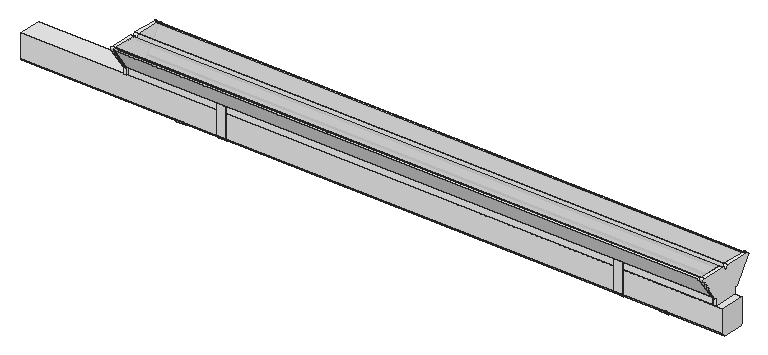
Revit family "0042290 Lighting Fixture_Sylvania_HSX Syl-Line_Surface Mounted", category Lighting Fixtures, host Face, Revit 2017
Family settings
  Host = Face
  Round Connector Dimension = Use Diameter
  Part Type = Normal
  OmniClass Number = 23.80.70.11.17
  OmniClass Title = Specialized Lighting by Location or Use
  Cut with Voids When Loaded = No
  Light Source = Yes
  Shared = No
  Room Calculation Point = No
Parameters (values of type "HSXSYL  LED NW 1-10V 1720 WB")
  Width = 164.0 mm
  Weight = 5.60 kg
  Wattage = 71.6129 W
  built-in parameter 1150110 = 1 (stored number, unit not read)
  Voltage Comments = "UNV (Universal Voltage; 220-240 Volt)"  # constant formula
  Voltage = 230 V  # constant formula
  URL = "http://www.sylvania-lighting.com"
  Trucking Material = Steel_Sylvania_HSX Syl-Line_White
  built-in parameter 1114217 = 1 (stored number, unit not read)
  Tilt Angle = -90.00°
  built-in parameter 1150109 = 1 (stored number, unit not read)
  built-in parameter 1150134 = 12
  Ta Rating = "-10°C to +25°C"  # constant formula
  T Class Min = -10 °C
  T Class Max = 25 °C
  built-in parameter 1150113 = 1 (stored number, unit not read)
  Product Page URL = "http://www.sylvania-lighting.com/product/en-int/products/0042290"
  Product Family = "HSX SYL-LINE"  # constant formula
  Photometry Comments = ""
  Photometric Web File = "0042290_HSXSYLLEDNW1-10V1720WB-192665.ies"
  Mounting Material = Steel_Sylvania_HSX Syl-Line_White
  Line End Right = 20.0 mm
  Line End Left = 300.0 mm
  Life = "50 000h"  # constant formula
  Length = 1720.0 mm
  LOR = "100%"
  Inrush Current (max. quantity per 16A C breaker) = "10"
  IP Rating = "IP20"  # constant formula
  IK Rating = "IK02"  # constant formula
  Height = 167.5 mm
  Glow Wire Test = 650 °C  # constant formula
  Emit from Line Length = Length - 20.0 mm  # 1700.0 mm
  Electrical Protection = "CLASS I"  # constant formula
  Drive Current = "350mA"
  built-in parameter 1114216 [instance] = 1 (stored number, unit not read)
  Cap Material = Plastic_Sylvania_HSX Syl-Line_White
  Model = "HSXSYL  LED NW 1-10V 1720 WB"
  Manufacturer = "Feilo Sylvania"
  built-in parameter 1150105 = 2339.7 (stored number, unit not read)
  Lumens = 6660 lm
  built-in parameter 1150115 = 1 (stored number, unit not read)
  built-in parameter 1150137 = (empty or 0)
  built-in parameter 1150139 = (empty or 0)
  built-in parameter 1150112 = 1 (stored number, unit not read)
  built-in parameter 1150114 = 1 (stored number, unit not read)
  Lamp = "Integrated LED"
  built-in parameter 1150132 = 2
  built-in parameter 1150102 = (empty or 0)
  built-in parameter 1150107 = 4000 (stored number, unit not read)
  built-in parameter 1150138 = (empty or 0)
  built-in parameter 1150106 = 23.397 (stored number, unit not read)
  CRI (Ra) = ">80"
  Bracket Width = Width - 93.4 mm  # 70.6 mm
  Bracket Height = Height - 73.5 mm  # 94.0 mm
  Body Material = Plastic_Sylvania_HSX Syl-Line_White
  built-in parameter 1150104 = 8.64 (stored number, unit not read)
  Dimming Lamp Color Temperature Shift = <None>
  Diffuser Material = Polycarbonate_Sylvania_HSX Syl-Line_4000K
  Description = "72W and 75W LED surface and suspended luminaires HSX Syl-Line is perfect for retail, industry, manufacturing, airports or data centres Extended offering of alternative optics for Syl-Line trunking Available with a white sheet steel reflector and a PMMA Diffuser Available in 1,720mm (same length as standard Syl-Line gear trays and trunking) High performance: delivers 6,660lm (luminaire lumen output on 72W version), equating to 93lm/W (total system efficiency) Available in neutral white (4,000K) Integrated LED solution that has the same aesthetics as the fluorescent version (non dotting) Energy efficient electronic gear including Analogue 1-10V dimmable, DALI dimmable and 3 hour emergency versions as standard Ease of installation through the plug connector Innovative clip design allows quick and simple installation of the electrical unit (average installation time of the gear tray at just over a minute) Energy class: A++, A+, A Long lifetime: 50,000 hours life at 70% of the original output L70"  # constant formula
  Default Elevation = 0.0 mm
  Color Filter = 16777215
  Catalog Number = "0042290 HSXSYL  LED NW 1-10V 1720 WB"
  built-in parameter 1140040 [instance] = 1
  built-in parameter 1114218 = 1 (stored number, unit not read)
  built-in parameter 1150133 = 10 (stored number, unit not read)
  Assembly Code = "D5020200"
  Apparent Load = 72 VA
Reference planes
  plane 1 "Center (Front/Back)": y = 0
  plane 2 "Trucking Top": z = 6
  plane 3 "Center (Left/Right)": x = 0
  plane 4 "Fixture Bottom": z = 167.5
  plane 5: y = 34.283
  plane 6: y = -34.283
  plane 7 "Fixture Left": x = -860
  plane 8 "Fixture Right": x = 860
  plane 9: x = 850
  plane 10: x = -850
  plane 11: y = -82
  plane 12: y = 82
  plane 13: z = 155
  plane 14: z = 99
  plane 15 "Trucking Bottom": z = 78.5
  plane 16: y = 38.283
  plane 17: y = -38.283
  plane 18: z = 160.539
  plane 19: y = 7.5
  plane 20: y = -7.5
  plane 21: x = -1160
  plane 22: x = 880
  plane 23: x = 588
  plane 24: x = -588
  plane 25: x = 713
  plane 26: x = -713
  plane 27 "Fixture Top": z = 0
Forms (mm)
  Extrusion 1, solid, material "Plastic_Sylvania_HSX Syl-Line_White" <- "Cap Material", detail levels fine
    sketch origin (0, 0, 0) x (0, 1, 0) y (0, 0, 1)
      loop
        line (38.283, 99) -> (81.006, 161.276)
        arc (81.006, 161.276) -> (81.229, 165.38) -> (77.707, 167.5) r 3.986
        line (77.707, 167.5) -> (7.5, 167.5) -> (0, 155) -> (-7.5, 167.5) -> (-77.707, 167.5)
        arc (-77.707, 167.5) -> (-81.229, 165.38) -> (-81.006, 161.276) r 3.986
        line (-81.006, 161.276) -> (-38.283, 99) -> (-34.283, 99) -> (-34.283, 78.5) -> (34.283, 78.5) -> (34.283, 99) -> (38.283, 99)
    from 850 to 860
  Extrusion 2, solid, material "Plastic_Sylvania_HSX Syl-Line_White" <- "Cap Material", detail levels fine
    sketch origin (0, 0, 0) x (0, 1, 0) y (0, 0, 1)
      loop
        line (38.283, 99) -> (81.006, 161.276)
        arc (81.006, 161.276) -> (81.229, 165.38) -> (77.707, 167.5) r 3.986
        line (77.707, 167.5) -> (7.5, 167.5) -> (0, 155) -> (-7.5, 167.5) -> (-77.707, 167.5)
        arc (-77.707, 167.5) -> (-81.229, 165.38) -> (-81.006, 161.276) r 3.986
        line (-81.006, 161.276) -> (-38.283, 99) -> (-34.283, 99) -> (-34.283, 78.5) -> (34.283, 78.5) -> (34.283, 99) -> (38.283, 99)
    from -860 to -850
  Extrusion 3, solid, material "Plastic_Sylvania_HSX Syl-Line_White" <- "Body Material", detail levels coarse+medium
    sketch origin (0, 0, 0) x (0, 1, 0) y (0, 0, 1)
      loop
        line (38.283, 99) -> (81.006, 161.276)
        arc (81.006, 161.276) -> (81.229, 165.38) -> (77.707, 167.5) r 3.986
        line (77.707, 167.5) -> (7.5, 167.5) -> (0, 155) -> (-7.5, 167.5) -> (-77.707, 167.5)
        arc (-77.707, 167.5) -> (-81.229, 165.38) -> (-81.006, 161.276) r 3.986
        line (-81.006, 161.276) -> (-38.283, 99) -> (-34.283, 99) -> (-34.283, 78.5) -> (34.283, 78.5) -> (34.283, 99) -> (38.283, 99)
    from -860 to 850
  Extrusion 4, solid, material "Plastic_Sylvania_HSX Syl-Line_White" <- "Body Material", detail levels fine
    sketch origin (0, 0, 0) x (0, 1, 0) y (0, 0, 1)
      loop
        line (37.757, 100) -> (80.18, 161.839)
        arc (80.18, 161.839) -> (80.345, 164.913) -> (77.707, 166.5) r 2.986
        line (77.707, 166.5) -> (74, 166.5) -> (74, 165.5) -> (77.707, 165.5)
        arc (77.707, 165.5) -> (79.461, 164.446) -> (79.353, 162.402) r 1.986
        line (79.353, 162.402) -> (37.23, 101) -> (32.283, 101) -> (32.283, 79.5) -> (-32.283, 79.5) -> (-32.283, 101) -> (-37.23, 101) -> (-79.353, 162.402)
        arc (-79.353, 162.402) -> (-79.461, 164.446) -> (-77.707, 165.5) r 1.986
        line (-77.707, 165.5) -> (-74, 165.5) -> (-74, 166.5) -> (-77.707, 166.5)
        arc (-77.707, 166.5) -> (-80.345, 164.913) -> (-80.18, 161.839) r 2.986
        line (-80.18, 161.839) -> (-37.757, 100) -> (-33.283, 100) -> (-33.283, 78.5) -> (33.283, 78.5) -> (33.283, 100) -> (37.757, 100)
    from -850 to 850
  Extrusion 5, solid, material "Polycarbonate_Sylvania_HSX Syl-Line_4000K" <- "Diffuser Material", detail levels fine
    sketch origin (0, 0, 0) x (0, 1, 0) y (0, 0, 1)
      loop
        line (74, 166.5) -> (8.066, 166.5) -> (0, 153.056) -> (-8.066, 166.5) -> (-74, 166.5) -> (-74, 165.5) -> (-8.632, 165.5) -> (0, 151.113) -> (8.632, 165.5) -> (74, 165.5) -> (74, 166.5)
    from -850 to 850
  Extrusion 6, solid, material "Steel_Sylvania_HSX Syl-Line_White" <- "Trucking Material"
    sketch origin (0, 0, 0) x (0, 1, 0) y (0, 0, 1)
      loop
        line (34.283, 12) -> (34.283, 78.5) -> (-34.283, 78.5) -> (-34.283, 12) -> (-28.283, 6) -> (28.283, 6) -> (34.283, 12)
    from -1160 to 880
Dimensions and locks
  equal spacing: plane 7 "Fixture Left", plane 3 "Center (Left/Right)", plane 8 "Fixture Right"
  "Length": plane 7 "Fixture Left" to plane 8 "Fixture Right"
  locked: plane 7 "Fixture Left" to plane 10 at 10
  locked: plane 9 to plane 8 "Fixture Right" at 10
  equal spacing: plane 12, plane 1 "Center (Front/Back)", plane 11
  "Width": plane 12 to plane 11
  "Height": host face to plane 4 "Fixture Bottom"
  locked: level to plane 2 "Trucking Top" at 6
  plane 15 "Trucking Bottom" to plane 14 to plane 13 to plane 18 to plane 4 "Fixture Bottom" = 20.5 mm locked, 56.0 mm locked, 5.539 mm locked, 6.961 mm locked
  plane 12 to plane 16 to plane 5 to plane 19 = 43.717 mm locked, 4.0 mm locked, 26.783 mm locked
  plane 11 to plane 17 to plane 6 to plane 20 = 43.717 mm locked, 4.0 mm locked, 26.783 mm locked
  locked: Extrusion 5 sketch curve to plane 11 at 8
  locked: plane 12 to Extrusion 5 sketch curve at 8
  locked: Extrusion 4 sketch curve to plane 11 at 8
  locked: plane 12 to Extrusion 4 sketch curve at 8
  locked: Extrusion 6 sketch curve to plane 2 "Trucking Top" at 6  (x2)
  locked: Extrusion 6 sketch curve to plane 6 at 6
  locked: plane 5 to Extrusion 6 sketch curve at 6
  "Line End Left": plane 21 to plane 7 "Fixture Left"
  "Line End Right": plane 8 "Fixture Right" to plane 22
  plane 23 to plane 25 to plane 9 = 125.0 mm locked, 137.0 mm locked
  plane 10 to plane 26 to plane 24 = 137.0 mm locked, 125.0 mm locked
  aligned and locked: level to host face
  aligned and locked: imposter light to plane 1 "Center (Front/Back)"
  aligned and locked: plane 3 "Center (Left/Right)" to imposter light
  aligned and locked: imposter light to plane 4 "Fixture Bottom"
  aligned and locked: plane 14 to Extrusion 1 sketch curve
  aligned and locked: plane 16 to Extrusion 1 sketch curve
  aligned and locked: plane 15 "Trucking Bottom" to Extrusion 1 sketch curve
  aligned and locked: plane 5 to Extrusion 1 sketch curve
  aligned and locked: plane 6 to Extrusion 1 sketch curve
  aligned and locked: Extrusion 1 sketch curve to plane 14
  aligned and locked: plane 1 "Center (Front/Back)" to Extrusion 1 sketch curve
  aligned and locked: plane 13 to Extrusion 1 sketch curve
  aligned and locked: plane 4 "Fixture Bottom" to Extrusion 1 sketch curve  (x2)
  aligned and locked: plane 19 to Extrusion 1 sketch curve
  aligned and locked: plane 20 to Extrusion 1 sketch curve
  aligned and locked: Extrusion 1 to plane 8 "Fixture Right"
  aligned and locked: plane 9 to Extrusion 1
  aligned and locked: Extrusion 2 to plane 7 "Fixture Left"
  aligned and locked: plane 10 to Extrusion 2
  aligned and locked: Extrusion 3 to plane 7 "Fixture Left"
  aligned and locked: plane 15 "Trucking Bottom" to Extrusion 4 sketch curve
  aligned and locked: Extrusion 4 to plane 9
  aligned and locked: Extrusion 4 to plane 10
  aligned and locked: plane 5 to Extrusion 6 sketch curve
  aligned and locked: plane 6 to Extrusion 6 sketch curve
  aligned and locked: plane 2 "Trucking Top" to Extrusion 6 sketch curve
  aligned and locked: plane 15 "Trucking Bottom" to Extrusion 6 sketch curve
  aligned and locked: Extrusion 6 to plane 21
  aligned and locked: Extrusion 6 to plane 22
  aligned and locked: plane 1 "Center (Front/Back)" to nested 1
  aligned and locked: nested 1 to plane 14
  aligned and locked: plane 23 to nested 1
  aligned and locked: Extrusion 3 to plane 9
  aligned and locked: Extrusion 5 to plane 9
  aligned and locked: Extrusion 5 to plane 10
  aligned and locked: plane 24 to nested 2
  aligned and locked: nested 1 to plane 23
  aligned and locked: nested 3 to level
  aligned and locked: plane 2 "Trucking Top" to nested 2
  aligned and locked: plane 25 to nested 3
  aligned and locked: plane 26 to nested 4
Automatic sketch dimensions
  host sketch curve to host sketch curve = 2549.992 mm
  host sketch curve to host sketch curve = 1283.632 mm
  Extrusion 1 sketch curve to plane 17 = 0.0 mm
  Extrusion 1 sketch curve to plane 18 = 0.737 mm  (x2)
  Extrusion 1 sketch curve to plane 11 = 4.293 mm
  Extrusion 1 sketch curve to plane 11 = 0.994 mm
  Extrusion 1 sketch curve to plane 12 = 4.293 mm
  Extrusion 1 sketch curve to plane 12 = 0.994 mm
  plane 4 "Fixture Bottom" to Extrusion 2 sketch curve = 0.0 mm  (x2)
  plane 14 to Extrusion 2 sketch curve = 0.0 mm  (x2)
  Extrusion 2 sketch curve to plane 17 = 0.0 mm
  Extrusion 2 sketch curve to plane 6 = 0.0 mm
  Extrusion 2 sketch curve to plane 20 = 0.0 mm
  Extrusion 2 sketch curve to plane 1 "Center (Front/Back)" = 0.0 mm
  Extrusion 2 sketch curve to plane 19 = 0.0 mm
  Extrusion 2 sketch curve to plane 5 = 0.0 mm
  Extrusion 2 sketch curve to plane 16 = 0.0 mm
  plane 15 "Trucking Bottom" to Extrusion 2 sketch curve = 0.0 mm
  Extrusion 2 sketch curve to plane 13 = 0.0 mm
  Extrusion 2 sketch curve to plane 11 = 4.293 mm
  Extrusion 2 sketch curve to plane 18 = 0.737 mm  (x2)
  Extrusion 2 sketch curve to plane 11 = 0.994 mm
  Extrusion 2 sketch curve to plane 12 = 4.293 mm
  Extrusion 2 sketch curve to plane 12 = 0.994 mm
  plane 4 "Fixture Bottom" to Extrusion 3 sketch curve = 0.0 mm  (x2)
  plane 14 to Extrusion 3 sketch curve = 0.0 mm  (x2)
  Extrusion 3 sketch curve to plane 17 = 0.0 mm
  Extrusion 3 sketch curve to plane 6 = 0.0 mm
  Extrusion 3 sketch curve to plane 20 = 0.0 mm
  Extrusion 3 sketch curve to plane 1 "Center (Front/Back)" = 0.0 mm
  Extrusion 3 sketch curve to plane 19 = 0.0 mm
  Extrusion 3 sketch curve to plane 5 = 0.0 mm
  Extrusion 3 sketch curve to plane 16 = 0.0 mm
  plane 15 "Trucking Bottom" to Extrusion 3 sketch curve = 0.0 mm
  Extrusion 3 sketch curve to plane 13 = 0.0 mm
  Extrusion 3 sketch curve to plane 11 = 4.293 mm
  Extrusion 3 sketch curve to plane 18 = 0.737 mm  (x2)
  Extrusion 3 sketch curve to plane 11 = 0.994 mm
  Extrusion 3 sketch curve to plane 12 = 4.293 mm
  Extrusion 3 sketch curve to plane 12 = 0.994 mm
  Extrusion 4 sketch curve to plane 14 = 1.0 mm  (x2)
  Extrusion 4 sketch curve to plane 16 = 0.527 mm
  plane 4 "Fixture Bottom" to Extrusion 4 sketch curve = 1.0 mm  (x2)
  Extrusion 4 sketch curve to plane 17 = 0.527 mm
  plane 6 to Extrusion 4 sketch curve = 1.0 mm
  Extrusion 4 sketch curve to plane 5 = 1.0 mm
  Extrusion 4 sketch curve to plane 11 = 1.82 mm
  Extrusion 4 sketch curve to plane 18 = 1.301 mm  (x2)
  Extrusion 4 sketch curve to plane 12 = 1.82 mm
  Extrusion 4 sketch curve to Extrusion 4 sketch curve = 0.527 mm  (x2)
  Extrusion 4 sketch curve to Extrusion 4 sketch curve = 0.826 mm  (x2)
  Extrusion 4 sketch curve to Extrusion 4 sketch curve = 0.563 mm  (x2)
  Extrusion 4 sketch curve to Extrusion 4 sketch curve = 0.0 mm  (x4)
  Extrusion 4 sketch curve to Extrusion 4 sketch curve = 1.0 mm  (x4)
  Extrusion 4 sketch curve to plane 15 "Trucking Bottom" = 1.0 mm
  Extrusion 5 sketch curve to plane 1 "Center (Front/Back)" = 0.0 mm  (x2)
  plane 20 to Extrusion 5 sketch curve = 0.566 mm
  plane 20 to Extrusion 5 sketch curve = 1.132 mm
  plane 19 to Extrusion 5 sketch curve = 0.566 mm
  plane 19 to Extrusion 5 sketch curve = 1.132 mm
  plane 4 "Fixture Bottom" to Extrusion 5 sketch curve = 2.0 mm  (x2)
  Extrusion 5 sketch curve to plane 13 = 3.887 mm
  Extrusion 5 sketch curve to Extrusion 5 sketch curve = 1.944 mm
  plane 4 "Fixture Bottom" to Extrusion 5 sketch curve = 1.0 mm  (x2)
  plane 4 "Fixture Bottom" to Extrusion 4 sketch curve = 2.0 mm  (x2)
Nested families
  nested 1: "Mounting Bracket" at (563, 0, 99) x (0, -1, 0) z (0, 0, -1), type "Mounting Bracket", detail levels fine
  nested 2: "Mounting Bracket" at (-588, 0, 99) x (0, -1, 0) z (0, 0, -1), type "Mounting Bracket", detail levels fine
  nested 3: "Top Mounting Bracket" at (713, 0, 13) x (0, 1, 0) z (0, 0, -1), type "Top Mounting Bracket", detail levels fine
  nested 4: "Top Mounting Bracket" at (-688, 0, 13) x (0, 1, 0) z (0, 0, -1), type "Top Mounting Bracket", detail levels fine
Connectors
  electrical at (-1160, 0, 32.167), driven by "Voltage", driven by "Apparent Load"
    settings: on Extrusion 6, index 1, voltage 230 V, apparent load 0 VA, apparent load phase1 72 VA, apparent load phase2 0 VA, apparent load phase3 0 VA, power factor 1, load classification "Lighting", number of poles 1, system type 31, power factor state 1, is connector primary yes, connector utility no, sub classification motor no, connector description ""
Definition of nested family "Mounting Bracket"
  Parameters
    Mounting Material = none
    Length = 25.0 mm
    Height = 94.0 mm
    Width = 70.6 mm
    Default Elevation = 0.0 mm
  Reference planes
    plane 1 "Center (Front/Back)": y = 0
    plane 2: z = 0
    plane 3 "Center (Left/Right)": x = 0
    plane 4: x = -35.3
    plane 5: x = 35.3
    plane 6: y = -25
    plane 7: y = -12.5
    plane 8: z = 94
  Forms (mm)
    Extrusion 1, solid, material <- "Mounting Material"
      sketch origin (0, 0, 0) x (1, 0, 0) y (0, 0, 1)
        loop
          line (35.3, 87.5) -> (28.8, 94) -> (20.3, 94) -> (20.3, 93) -> (28.386, 93) -> (34.3, 87.086) -> (34.3, 0) -> (35.3, 0) -> (35.3, 87.5)
        loop
          line (-35.3, 87.5) -> (-35.3, 0) -> (-34.3, 0) -> (-34.3, 87.086) -> (-28.386, 93) -> (-20.3, 93) -> (-20.3, 94) -> (-28.8, 94) -> (-35.3, 87.5)
      from 0 to 25
  Dimensions and locks
    equal spacing: plane 5, plane 3 "Center (Left/Right)", plane 4
    "Width": plane 5 to plane 4
    "Length": plane 6 to plane 1 "Center (Front/Back)"
    equal spacing: plane 6, plane 7, plane 1 "Center (Front/Back)"
    "Height": plane 8 to plane 2
    locked: plane 8 to Extrusion 1 sketch curve at 1
    locked: plane 8 to Extrusion 1 sketch curve at 6.5  (x2)
    locked: Extrusion 1 sketch curve to plane 4 at 6.5
    locked: plane 5 to Extrusion 1 sketch curve at 6.5
    locked: Extrusion 1 sketch curve to plane 4 at 1
    locked: plane 5 to Extrusion 1 sketch curve at 1
    locked: Extrusion 1 sketch curve to plane 4 at 15
    locked: plane 5 to Extrusion 1 sketch curve at 15
    aligned and locked: level to plane 2
    aligned and locked: Extrusion 1 to plane 6
    aligned and locked: Extrusion 1 sketch curve to plane 8
    aligned and locked: Extrusion 1 sketch curve to plane 4
    aligned and locked: Extrusion 1 sketch curve to plane 5
  Automatic sketch dimensions
    Extrusion 1 sketch curve to level = 0.0 mm  (x2)
    plane 4 to Extrusion 1 sketch curve = 6.914 mm
    Extrusion 1 sketch curve to Extrusion 1 sketch curve = 0.414 mm  (x3)
    plane 8 to Extrusion 1 sketch curve = 0.0 mm
    Extrusion 1 sketch curve to plane 8 = 1.0 mm
Definition of nested family "Top Mounting Bracket"
  Parameters
    Mounting Material = none
    Length = 25.0 mm
    Height = 13.0 mm
    Width = 70.6 mm
    Default Elevation = 0.0 mm
  Reference planes
    plane 1 "Center (Front/Back)": y = 0
    plane 2: z = 0
    plane 3 "Center (Left/Right)": x = 0
    plane 4: x = -35.3
    plane 5: x = 35.3
    plane 6: y = -25
    plane 7: y = -12.5
    plane 8: z = 13
  Forms (mm)
    Extrusion 1, solid, material <- "Mounting Material"
      sketch origin (0, 0, 0) x (1, 0, 0) y (0, 0, 1)
        loop
          line (35.3, 1.5) -> (23.8, 13) -> (-23.8, 13) -> (-35.3, 1.5) -> (-35.3, 0) -> (-34.3, 0) -> (-34.3, 1.086) -> (-23.386, 12) -> (23.386, 12) -> (34.3, 1.086) -> (34.3, 0) -> (35.3, 0) -> (35.3, 1.5)
      from 0 to 25
  Dimensions and locks
    equal spacing: plane 5, plane 3 "Center (Left/Right)", plane 4
    "Width": plane 5 to plane 4
    "Length": plane 6 to plane 1 "Center (Front/Back)"
    equal spacing: plane 6, plane 7, plane 1 "Center (Front/Back)"
    plane 8 to Extrusion 1 sketch curve = 13.0 mm
    locked: Extrusion 1 sketch curve to plane 4 at 11.5
    locked: plane 5 to Extrusion 1 sketch curve at 11.5
    "Height": plane 8 to level
    aligned and locked: level to plane 2
    aligned and locked: Extrusion 1 to plane 6
    aligned and locked: Extrusion 1 sketch curve to plane 4
    aligned and locked: Extrusion 1 sketch curve to plane 5
    aligned and locked: Extrusion 1 sketch curve to plane 8
    aligned and locked: Extrusion 1 sketch curve to Extrusion 1 sketch curve
  Automatic sketch dimensions
    plane 4 to Extrusion 1 sketch curve = 1.0 mm
    Extrusion 1 sketch curve to Extrusion 1 sketch curve = 0.414 mm  (x4)
    Extrusion 1 sketch curve to plane 5 = 1.0 mm
    Extrusion 1 sketch curve to Extrusion 1 sketch curve = 1.086 mm
    Extrusion 1 sketch curve to plane 8 = 1.0 mm
    Extrusion 1 sketch curve to plane 8 = 11.914 mm
